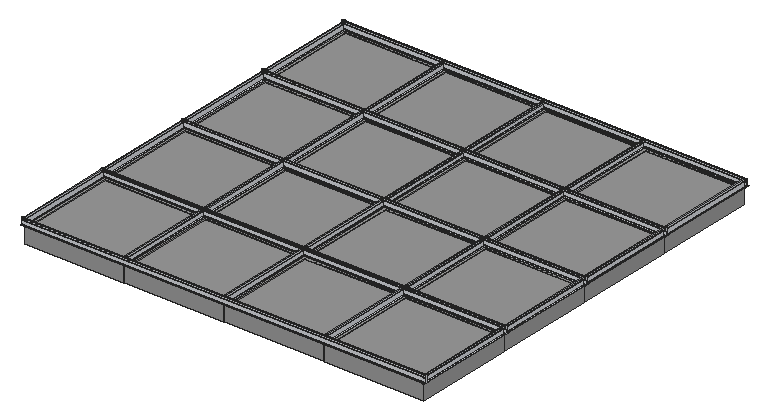
Revit family "GRD-FPG-012_RFA", category Modelos genéricos, Revit 2022 (continued)
Forms (in)
  Extrusion 268, solid
    sketch origin (0, 24.02758, 0) x (1, 0, 0) y (0, 1, 0)
      loop
        line (1.55539, 23.39887) -> (1.55539, 1.53863) -> (23.40345, 1.53863) -> (23.40345, 23.39887) -> (1.55539, 23.39887)
      loop
        line (24.34376, 0.56617) -> (24.34376, 24.31617) -> (0.59376, 24.31617) -> (0.59376, 0.56617) -> (24.34376, 0.56617)
    from -3.41361 to 0.59055
  Extrusion 269, solid
    sketch origin (24.00458, 24.02758, 0) x (1, 0, 0) y (0, 1, 0)
      loop
        line (23.40345, 1.53863) -> (23.40345, 23.3867) -> (1.54322, 23.3867) -> (1.54322, 1.53863) -> (23.40345, 1.53863)
    from 0.11811 to 0.59055
  Extrusion 270, solid
    sketch origin (24.00458, 24.02758, 0) x (1, 0, 0) y (0, 1, 0)
      loop
        line (1.55539, 23.39887) -> (1.55539, 1.53863) -> (23.40345, 1.53863) -> (23.40345, 23.39887) -> (1.55539, 23.39887)
      loop
        line (24.34376, 0.56617) -> (24.34376, 24.31617) -> (0.59376, 24.31617) -> (0.59376, 0.56617) -> (24.34376, 0.56617)
    from -3.41361 to 0.59055
  Extrusion 271, solid
    sketch origin (48.00458, 24.02758, 0) x (1, 0, 0) y (0, 1, 0)
      loop
        line (23.40345, 1.53863) -> (23.40345, 23.3867) -> (1.54322, 23.3867) -> (1.54322, 1.53863) -> (23.40345, 1.53863)
    from 0.11811 to 0.59055
  Extrusion 272, solid
    sketch origin (48.00458, 24.02758, 0) x (1, 0, 0) y (0, 1, 0)
      loop
        line (1.55539, 23.39887) -> (1.55539, 1.53863) -> (23.40345, 1.53863) -> (23.40345, 23.39887) -> (1.55539, 23.39887)
      loop
        line (24.34376, 0.56617) -> (24.34376, 24.31617) -> (0.59376, 24.31617) -> (0.59376, 0.56617) -> (24.34376, 0.56617)
    from -3.41361 to 0.59055
  Extrusion 273, solid
    sketch origin (72.00458, 24.02758, 0) x (1, 0, 0) y (0, 1, 0)
      loop
        line (23.40345, 1.53863) -> (23.40345, 23.3867) -> (1.54322, 23.3867) -> (1.54322, 1.53863) -> (23.40345, 1.53863)
    from 0.11811 to 0.59055
  Extrusion 274, solid
    sketch origin (72.00458, 24.02758, 0) x (1, 0, 0) y (0, 1, 0)
      loop
        line (1.55539, 23.39887) -> (1.55539, 1.53863) -> (23.40345, 1.53863) -> (23.40345, 23.39887) -> (1.55539, 23.39887)
      loop
        line (24.34376, 0.56617) -> (24.34376, 24.31617) -> (0.59376, 24.31617) -> (0.59376, 0.56617) -> (24.34376, 0.56617)
    from -3.41361 to 0.59055
  Extrusion 275, solid
    sketch origin (0, 48.02758, 0) x (1, 0, 0) y (0, 1, 0)
      loop
        line (23.40345, 1.53863) -> (23.40345, 23.3867) -> (1.54322, 23.3867) -> (1.54322, 1.53863) -> (23.40345, 1.53863)
    from 0.11811 to 0.59055
  Extrusion 276, solid
    sketch origin (0, 48.02758, 0) x (1, 0, 0) y (0, 1, 0)
      loop
        line (1.55539, 23.39887) -> (1.55539, 1.53863) -> (23.40345, 1.53863) -> (23.40345, 23.39887) -> (1.55539, 23.39887)
      loop
        line (24.34376, 0.56617) -> (24.34376, 24.31617) -> (0.59376, 24.31617) -> (0.59376, 0.56617) -> (24.34376, 0.56617)
    from -3.41361 to 0.59055
  Extrusion 277, solid
    sketch origin (24.00458, 48.02758, 0) x (1, 0, 0) y (0, 1, 0)
      loop
        line (23.40345, 1.53863) -> (23.40345, 23.3867) -> (1.54322, 23.3867) -> (1.54322, 1.53863) -> (23.40345, 1.53863)
    from 0.11811 to 0.59055
  Extrusion 278, solid
    sketch origin (24.00458, 48.02758, 0) x (1, 0, 0) y (0, 1, 0)
      loop
        line (1.55539, 23.39887) -> (1.55539, 1.53863) -> (23.40345, 1.53863) -> (23.40345, 23.39887) -> (1.55539, 23.39887)
      loop
        line (24.34376, 0.56617) -> (24.34376, 24.31617) -> (0.59376, 24.31617) -> (0.59376, 0.56617) -> (24.34376, 0.56617)
    from -3.41361 to 0.59055
  Extrusion 279, solid
    sketch origin (48.00458, 48.02758, 0) x (1, 0, 0) y (0, 1, 0)
      loop
        line (23.40345, 1.53863) -> (23.40345, 23.3867) -> (1.54322, 23.3867) -> (1.54322, 1.53863) -> (23.40345, 1.53863)
    from 0.11811 to 0.59055
  Extrusion 280, solid
    sketch origin (48.00458, 48.02758, 0) x (1, 0, 0) y (0, 1, 0)
      loop
        line (1.55539, 23.39887) -> (1.55539, 1.53863) -> (23.40345, 1.53863) -> (23.40345, 23.39887) -> (1.55539, 23.39887)
      loop
        line (24.34376, 0.56617) -> (24.34376, 24.31617) -> (0.59376, 24.31617) -> (0.59376, 0.56617) -> (24.34376, 0.56617)
    from -3.41361 to 0.59055
  Extrusion 281, solid
    sketch origin (72.00458, 48.02758, 0) x (1, 0, 0) y (0, 1, 0)
      loop
        line (23.40345, 1.53863) -> (23.40345, 23.3867) -> (1.54322, 23.3867) -> (1.54322, 1.53863) -> (23.40345, 1.53863)
    from 0.11811 to 0.59055
  Extrusion 282, solid
    sketch origin (72.00458, 48.02758, 0) x (1, 0, 0) y (0, 1, 0)
      loop
        line (1.55539, 23.39887) -> (1.55539, 1.53863) -> (23.40345, 1.53863) -> (23.40345, 23.39887) -> (1.55539, 23.39887)
      loop
        line (24.34376, 0.56617) -> (24.34376, 24.31617) -> (0.59376, 24.31617) -> (0.59376, 0.56617) -> (24.34376, 0.56617)
    from -3.41361 to 0.59055
  Extrusion 283, solid
    sketch origin (0, 72.02758, 0) x (1, 0, 0) y (0, 1, 0)
      loop
        line (23.40345, 1.53863) -> (23.40345, 23.3867) -> (1.54322, 23.3867) -> (1.54322, 1.53863) -> (23.40345, 1.53863)
    from 0.11811 to 0.59055
  Extrusion 284, solid
    sketch origin (0, 72.02758, 0) x (1, 0, 0) y (0, 1, 0)
      loop
        line (1.55539, 23.39887) -> (1.55539, 1.53863) -> (23.40345, 1.53863) -> (23.40345, 23.39887) -> (1.55539, 23.39887)
      loop
        line (24.34376, 0.56617) -> (24.34376, 24.31617) -> (0.59376, 24.31617) -> (0.59376, 0.56617) -> (24.34376, 0.56617)
    from -3.41361 to 0.59055
  Extrusion 285, solid
    sketch origin (24.00458, 72.02758, 0) x (1, 0, 0) y (0, 1, 0)
      loop
        line (23.40345, 1.53863) -> (23.40345, 23.3867) -> (1.54322, 23.3867) -> (1.54322, 1.53863) -> (23.40345, 1.53863)
    from 0.11811 to 0.59055
  Extrusion 286, solid
    sketch origin (24.00458, 72.02758, 0) x (1, 0, 0) y (0, 1, 0)
      loop
        line (1.55539, 23.39887) -> (1.55539, 1.53863) -> (23.40345, 1.53863) -> (23.40345, 23.39887) -> (1.55539, 23.39887)
      loop
        line (24.34376, 0.56617) -> (24.34376, 24.31617) -> (0.59376, 24.31617) -> (0.59376, 0.56617) -> (24.34376, 0.56617)
    from -3.41361 to 0.59055
  Extrusion 287, solid
    sketch origin (48.00458, 72.02758, 0) x (1, 0, 0) y (0, 1, 0)
      loop
        line (23.40345, 1.53863) -> (23.40345, 23.3867) -> (1.54322, 23.3867) -> (1.54322, 1.53863) -> (23.40345, 1.53863)
    from 0.11811 to 0.59055
  Extrusion 288, solid
    sketch origin (48.00458, 72.02758, 0) x (1, 0, 0) y (0, 1, 0)
      loop
        line (1.55539, 23.39887) -> (1.55539, 1.53863) -> (23.40345, 1.53863) -> (23.40345, 23.39887) -> (1.55539, 23.39887)
      loop
        line (24.34376, 0.56617) -> (24.34376, 24.31617) -> (0.59376, 24.31617) -> (0.59376, 0.56617) -> (24.34376, 0.56617)
    from -3.41361 to 0.59055
  Extrusion 289, solid
    sketch origin (72.00458, 72.02758, 0) x (1, 0, 0) y (0, 1, 0)
      loop
        line (23.40345, 1.53863) -> (23.40345, 23.3867) -> (1.54322, 23.3867) -> (1.54322, 1.53863) -> (23.40345, 1.53863)
    from 0.11811 to 0.59055
  Extrusion 290, solid
    sketch origin (72.00458, 72.02758, 0) x (1, 0, 0) y (0, 1, 0)
      loop
        line (1.55539, 23.39887) -> (1.55539, 1.53863) -> (23.40345, 1.53863) -> (23.40345, 23.39887) -> (1.55539, 23.39887)
      loop
        line (24.34376, 0.56617) -> (24.34376, 24.31617) -> (0.59376, 24.31617) -> (0.59376, 0.56617) -> (24.34376, 0.56617)
    from -3.41361 to 0.59055
Dimensions and locks (in)
  Extrusion 175 to Extrusion 175 = 21.86024"
  aligned and locked: level to plane 2
